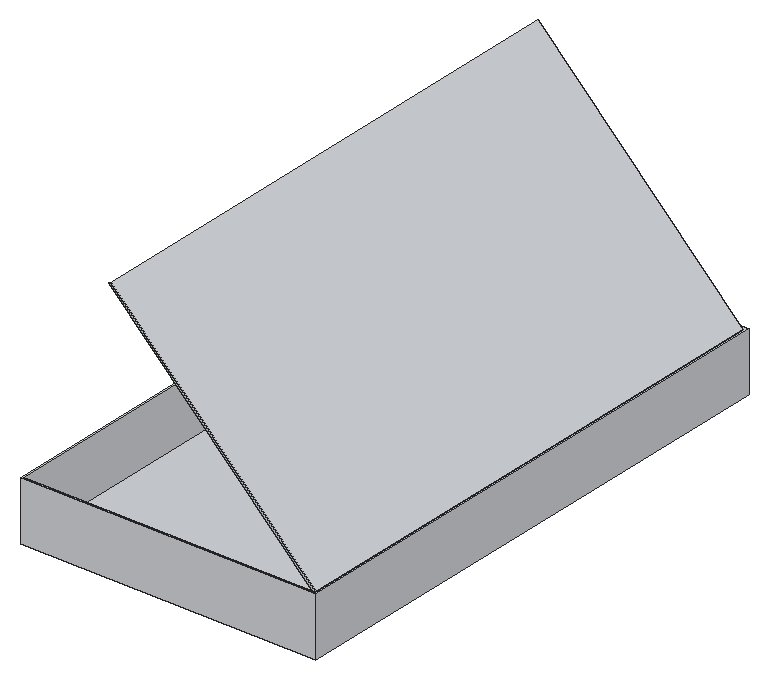
Revit family "Hager-Typ.B_TP&N_125A_Half_Width_Side_Extension_Boxes-empty-UK-en", category Electrical Equipment, host Face, Revit 2020
Family settings
  Host = Face
  Panel Configuration = Two Columns, Circuits Across
  Round Connector Dimension = Use Diameter
  Part Type = Panelboard
  Cut with Voids When Loaded = No
  Shared = No
  Room Calculation Point = No
Parameters (values of type "Surface mounted P2XC W465 H850 D91.5 0 Modular spacings - JK112BSH")
  Width Control [instance] = if([HG000006 - Flush mounted], if([EF000846 - Built-in width] > min_whd, [EF000846 - Built-in width], min_whd), if([EF000008 - Width] > min_whd, ([EF000008 - Width]), min_whd))  # 465 mm
  Void Depth [instance] = if([HG000006 - Flush mounted], Depth Control, 1 mm)  # 1 mm
  Type Comments = [HG000003 - Range]  # "Type B TP&N Distribution Boards"
  System Height [instance] = Height Control - 2 * [HG000005 - Thickness]  # 844 mm
  Model = [HG000004 - Manufacturer reference]  # "JK112BSH"
  HG000017 - Distance between poles = 18 mm
  HG000016 - Door 3d visibility [instance] = yes
  HG000015 - Clearance visibility [instance] = no
  HG000014 - Door on the right [instance] = yes
  HG000013 - Door on the left [instance] = not([HG000014 - Door on the right])  # no
  HG000012 - Door swing angle [instance] = 45.00°
  HG000011 - Empty rows from bottom = no
  HG000010 - Asymmetric doors = no
  HG000009 - Double swing door = no
  HG000008 - Number of empty rows = 0
  HG000007 - Number of empty columns = 0
  HG000006 - Flush mounted = no
  HG000005 - Thickness = 3 mm  # constant formula
  HG000004 - Manufacturer reference = "JK112BSH"
  HG000003 - Range = "Type B TP&N Distribution Boards"
  HG000002 - With door or cover = yes
  HG000001 - Number of columns = 0
  EF015941 - Signal passing door = no
  EF015777 - Neutral terminal block = yes
  EF015776 - Earthing terminal block = yes
  EF009212 - Cover model = ""
  EF006306 - With lock = no
  EF006244 - Transparent cover/door = no
  EF005474 - Degree of protection (IP) = "EV009848 - IP2XC"
  EF004462 - Type of closure = "EV000154 - Other"
  EF002950 - Width in number of modular spacings = 0
  EF001596 - Material housing = "EV000179 - Steel"
  EF001134 - DIN-rail = no
  EF001131 - Internal depth = 0 mm
  EF001088 - Extension possible = no
  EF001062 - EMC-version = no
  EF000846 - Built-in width = 0 mm
  EF000339 - Type of cover = "EV004216 - Door"
  EF000332 - Built-in height = 0 mm
  EF000266 - Number of rows = 0
  EF000218 - Built-in depth = 0 mm
  EF000118 - With mounting plate = no
  EF000116 - RAL-number = ""
  EF000049 - Depth = 92 mm
  EF000040 - Height = 850 mm
  EF000008 - Width = 465 mm
  EF000007 - Colour = "EV000154 - Other"
  EF000003 - Mounting method = "EV000384 - Surface mounted (plaster)"
  Arrow Offset [instance] = Depth Control / 8  # 11.5 mm
  Arrow Height [instance] = Depth Control - Arrow Offset  # 80.5 mm
  Host Offset [instance] = if([HG000006 - Flush mounted], 0 mm, [EF000049 - Depth])  # 92 mm
  min_whd [instance] = (2 * [HG000005 - Thickness]) + 1 mm  # 7 mm
  Manufacturer = "Hager"  # constant formula
  Height Control [instance] = if([HG000006 - Flush mounted], if([EF000332 - Built-in height] > min_whd, [EF000332 - Built-in height], min_whd), if([EF000040 - Height] > min_whd, ([EF000040 - Height]), min_whd))  # 850 mm
  Flush Mounted - Door Frame Width [instance] = if(([EF000040 - Height] - [EF000332 - Built-in height]) > 0 mm, if([HG000006 - Flush mounted], [EF000040 - Height] - [EF000332 - Built-in height], 0 mm), 0 mm)  # 0 mm
  Depth Control [instance] = if([HG000006 - Flush mounted], if([EF000218 - Built-in depth] > 0 mm, [EF000218 - Built-in depth], 1 mm), if([EF000049 - Depth] > 0 mm, ([EF000049 - Depth]), 1 mm))  # 92 mm
  Default Elevation = 0 mm
Types (5, lengths in mm): name | System Height | Model | HG000004 - Manufacturer reference | EF005474 - Degree of protection (IP) | EF000116 - RAL-number | EF000040 - Height | Height Control
  Surface mounted IP30 W465 H950 D91.5 0 Modular spacings - JK116BSH | 944 | "JK116BSH" | "JK116BSH" | "EV006410 - IP30" | "7035" | 950 | 950
  Surface mounted P2XC W465 H500 D91.5 0 Modular spacings - JK104BSH | 494 | "JK104BSH" | "JK104BSH" | "EV009848 - IP2XC" | "" | 500 | 500
  Surface mounted P2XC W465 H550 D91.5 0 Modular spacings - JK106BSH | 544 | "JK106BSH" | "JK106BSH" | "EV009848 - IP2XC" | "" | 550 | 550
  Surface mounted P2XC W465 H625 D91.5 0 Modular spacings - JK108BSH | 619 | "JK108BSH" | "JK108BSH" | "EV009848 - IP2XC" | "" | 625 | 625
  Surface mounted P2XC W465 H850 D91.5 0 Modular spacings - JK112BSH | 844 | "JK112BSH" | "JK112BSH" | "EV009848 - IP2XC" | "" | 850 | 850
Reference planes
  plane 1 "Center (Front/Back)": y = 0
  plane 2: z = 0
  plane 3 "Center (Left/Right)": x = 0
  plane 4: z = 92
  plane 5: y = 3
  plane 6: z = 87
  plane 7: y = 425
  plane 8: y = 0
  plane 9: y = 850
  plane 10: z = 0
  plane 11: x = -232.5
  plane 12: x = 232.5
  plane 13: x = 229.5
  plane 14: x = -229.5
  plane 15: y = 847
  plane 16: z = 3
  plane 17: z = 89
  plane 18: z = -1
  plane 19: z = 89
Forms (mm)
  Extrusion 1, solid
    sketch origin (-583.045, 0, 1219.2) x (-1, 0, 0) y (0, 0, 1)
      loop
        line (-350.545, -1127.2) -> (-815.545, -1127.2) -> (-815.545, -1219.2) -> (-350.545, -1219.2) -> (-350.545, -1127.2)
    from 0 to 850 <- "Height Control"
  Extrusion 2, void
    sketch origin (-381.607, -4572, 92) x (0, -1, 0) y (-1, 0, 0)
      loop
        line (-5419, -152.107) -> (-5419, -611.107) -> (-4575, -611.107) -> (-4575, -152.107) -> (-5419, -152.107)
    from 0 to 89
  Extrusion 3, void
    sketch origin (0, 0, 0) x (1, 0, 0) y (0, 1, 0)
      loop
        line (-232.5, 0) -> (232.5, 0) -> (232.5, 850) -> (-232.5, 850) -> (-232.5, 0)
    from -1 to 1
  Extrusion 4, solid, detail levels coarse+medium
    sketch origin (-381.607, -4572, 92) x (-1, 0, 0) y (0, -1, 0)
      loop
        line (-152.107, -5419) -> (-152.107, -4575) -> (-611.107, -4575) -> (-611.107, -5419) -> (-152.107, -5419)
    from 0 to -3
Cuts and joins
  Extrusion 2 cuts Extrusion 1
Dimensions and locks
  plane 4 to plane 6 = 5 mm
  "Host Offset": plane 4 to host face
  "Flush Mounted - Door Frame Width": plane 1 "Center (Front/Back)" to plane 8
  "HG000005 - Thickness": plane 5 to plane 8
  locked: connector elem to plane 3 "Center (Left/Right)"
  "Height Control": plane 9 to plane 8
  equal spacing: plane 9, plane 7, plane 8
  locked: connector elem to plane 7
  "Depth Control": plane 4 to plane 10
  "HG000005 - Thickness": plane 11 to plane 14
  "HG000005 - Thickness": plane 12 to plane 13
  equal spacing: plane 11, plane 3 "Center (Left/Right)", plane 12
  "Width Control": plane 11 to plane 12
  "Arrow Offset": nested 4 to plane 10
  "HG000005 - Thickness": plane 9 to plane 15
  "HG000005 - Thickness": plane 16 to plane 10
  "HG000005 - Thickness": plane 4 to plane 17
  "Void Depth": plane 2 to plane 18
  "HG000005 - Thickness": plane 4 to plane 19
  aligned and locked: plane 2 to host face
  aligned and locked: level to host face
  aligned and locked: plane 3 "Center (Left/Right)" to nested 2
  aligned and locked: plane 4 to nested 2
  aligned and locked: nested 2 to plane 8
  aligned and locked: nested 1 to plane 6
  aligned and locked: nested 1 to plane 5
  aligned and locked: nested 4 to plane 11
  aligned and locked: nested 3 to plane 4
  aligned and locked: Extrusion 1 sketch curve to plane 12
  aligned and locked: Extrusion 1 sketch curve to plane 11
  aligned and locked: nested 3 to plane 10
  aligned and locked: plane 10 to Extrusion 1 sketch curve
  aligned and locked: Extrusion 2 sketch curve to plane 5
  aligned and locked: Extrusion 2 sketch curve to plane 15
  aligned and locked: Extrusion 2 sketch curve to plane 14
  aligned and locked: Extrusion 2 sketch curve to plane 13
  aligned and locked: plane 11 to Extrusion 3 sketch curve
  aligned and locked: plane 9 to Extrusion 3 sketch curve
  aligned and locked: Extrusion 3 sketch curve to plane 8
  aligned and locked: plane 12 to Extrusion 3 sketch curve
  aligned and locked: nested 3 to plane 12
  aligned and locked: Extrusion 3 to plane 18
  aligned and locked: Extrusion 2 to plane 16
  aligned and locked: Extrusion 1 sketch curve to plane 4
  aligned and locked: Extrusion 4 to plane 17
  aligned and locked: Extrusion 4 sketch curve to plane 15
  aligned and locked: Extrusion 4 sketch curve to plane 13
  aligned and locked: Extrusion 4 sketch curve to plane 14
  aligned and locked: Extrusion 4 sketch curve to plane 5
Automatic sketch dimensions
  host sketch curve to host sketch curve = 1469.727 mm
  host sketch curve to host sketch curve = 1434.803 mm
Nested families
  nested 1: "Hager_Enclosure_System" at (0, 3, 87) x (1, 0, 0) z (0, 1, 0), Depth <- "HG000005 - Thickness", Height <- "System Height", Width <- "EF000008 - Width", Border <- "HG000005 - Thickness", Flush_Mounted <- "HG000006 - Flush mounted", Built-in_Width <- "EF000846 - Built-in width", Row_Module_Multiplicator <- "EF002950 - Width in number of modular spacings", Total_No_Empty_Rows <- "HG000008 - Number of empty rows", Total_No_Rows <- "EF000266 - Number of rows", Empty_Columns <- "HG000007 - Number of empty columns", Width_Control <- "Width Control", Empty_Rows_From_Bottom <- "HG000011 - Empty rows from bottom", Distance_Between_Poles <- "HG000017 - Distance between poles", Rows_Count <- "EF000266 - Number of rows", Columns_Count <- "HG000001 - Number of columns", type "Hager_Enclosure_System", detail levels fine
    with Width_Control 465 mm, Width 465 mm, Total_No_Rows 0, Total_No_Empty_Rows 0, Total_No_Columns 1, System_Width 459 mm, Rows_Count 0, Rows_Column 0, Row_Module_Multiplicator 0, Panel_4 no, Panel_3 no, Panel_2 no, Panel_1 no, No_Panels_Ctrl 1, Hide_Columns yes, Height 844 mm, Flush_Mounted no, Empty_Rows_From_Bottom no, Empty_Rows_Column 0, Empty_Columns 0, Distance_Between_Poles 18 mm, Depth 3 mm, Columns_Count 0, Column_Width 459 mm, Built-in_Width 0 mm, Border 3 mm
  nested 2: "Hager_Enclosure_Door" at (0, 0, 92) x (1, 0, 0) z (0, 1, 0), Border <- "HG000005 - Thickness", Door_Right <- "HG000014 - Door on the right", Flush_Mounted <- "HG000006 - Flush mounted", Depth <- "EF000049 - Depth", Width <- "EF000008 - Width", Door_Left <- "HG000013 - Door on the left", 3d_Door <- "HG000016 - Door 3d visibility", BuiltIn_Width <- "EF000846 - Built-in width", BuiltIn_Height <- "EF000332 - Built-in height", BuiltIn_Depth <- "EF000218 - Built-in depth", Angle <- "HG000012 - Door swing angle", Assymetrical <- "HG000010 - Asymmetric doors", Double <- "HG000009 - Double swing door", Clearance <- "HG000015 - Clearance visibility", Transparent <- "EF006244 - Transparent cover/door", Door <- "HG000002 - With door or cover", Height_Ctrl <- "Height Control", Width_Ctrl <- "Width Control", Height <- "EF000040 - Height", type "Hager_Enclosure_Door", detail levels medium+fine
    with min_wh 7 mm, Width_Ctrl 465 mm, Width 465 mm, Transparent_Door_No_Bottom_Border no, Transparent no, Leaf_Width 456 mm, Leaf_Tolerance 1.5 mm, Leaf_Height 841 mm, Leaf_2_Width 456 mm, Leaf_2_Offset 228 mm, Leaf_1_Width 456 mm, Leaf_1_Offset 228 mm, Height_Ctrl 850 mm, Height 850 mm, Frame_Width_Ctrl 465 mm, Frame_Width 465 mm, Frame_Internal_Offset 0 mm, Frame_Height_Ctrl 850 mm, Frame_Height 850 mm, Frame_Depth_Ctrl 1 mm, Frame_Depth 0 mm, Flush_Mounted no, Double_Clearance_Ctrl no, Double no, Door_Right_Ctrl yes, Door_Right yes, Door_Left_Ctrl no, Door_Left no, Door yes, Depth 92 mm, Clearance_Depth 456 mm, Clearance_Ctrl no, Clearance no, BuiltIn_Width 0 mm, BuiltIn_Height 0 mm, BuiltIn_Depth 0 mm, Border 3 mm, Assymetrical no, Angle 45.00°, 3d_Door yes
  nested 3: "Hager_Enclosure_Symbol_Triangle" at (-232.5, 0, 0) x (1, 0, 0) z (0, -1, 0), Depth <- "Depth Control", Width <- "Width Control", type "Hager_Enclosure_Symbol_Triangle"
    with Width_Ctrl 465 mm, Width 465 mm, Depth_Ctrl 92 mm, Depth 92 mm
  nested 4: "Hager_Enclosure_Symbol_Arrow" at (-232.5, 0, 11.5) x (1, 0, 0) z (0, -1, 0), Height <- "Arrow Height", type "Hager_Enclosure_Symbol_Arrow"
    with Width_Inside 6.038 mm, Width 72.45 mm, Height_Ctrl 80.5 mm, Height 80.5 mm
Connectors
  electrical at (0, 425, 0)
    settings: on plane 10, index 1, voltage 0 V, apparent load 0 VA, apparent load phase1 0 VA, apparent load phase2 0 VA, apparent load phase3 0 VA, power factor 1, load classification "Other", number of poles 1, system type 30, power factor state 1, is connector primary yes, connector utility no, sub classification motor no, connector description ""
Definition of nested family "Hager_Enclosure_Door"
  Parameters (values of type "Hager_Enclosure_Door")
    min_wh [instance] = (2 * Border) + 1 mm  # 11 mm
    Width_Ctrl [instance] = 400 mm
    Width [instance] = 500 mm
    Transparent_Door_No_Bottom_Border [instance] = no
    Transparent [instance] = yes
    Leaf_Width [instance] = if((Width_Ctrl - 2 * Border - 2 * Leaf_Tolerance) > 0 mm, (Width_Ctrl - 2 * Border - 2 * Leaf_Tolerance), min_wh)  # 387 mm
    Leaf_Tolerance [instance] = 1.5 mm  # constant formula
    Leaf_Height [instance] = if((Height_Ctrl - 2 * Border - 2 * Leaf_Tolerance) > 0 mm, (Height_Ctrl - 2 * Border - 2 * Leaf_Tolerance), min_wh)  # 387 mm
    Leaf_2_Width [instance] = if(and(and(Double, Assymetrical), Door_Left), (Leaf_Width / 3) - (Leaf_Tolerance / 2), if(and(and(Double, Assymetrical), Door_Right), (Leaf_Width / 3) * 2 - (Leaf_Tolerance / 2), if(and(Double, not(Assymetrical)), (Leaf_Width / 2) - Leaf_Tolerance, Leaf_Width)))  # 387 mm
    Leaf_2_Offset [instance] = if(and(Double, Assymetrical), Leaf_2_Width / 2, if(and(Double, not(Assymetrical)), Leaf_Width / 4, Leaf_Width / 2))  # 193.5 mm
    Leaf_1_Width [instance] = if(and(and(Double, Assymetrical), Door_Right), (Leaf_Width / 3) - (Leaf_Tolerance / 2), if(and(and(Double, Assymetrical), Door_Left), (Width / 3) * 2 - (Leaf_Tolerance / 2), if(and(Double, not(Assymetrical)), (Leaf_Width / 2) - Leaf_Tolerance, Leaf_Width)))  # 387 mm
    Leaf_1_Offset [instance] = if(and(Double, Assymetrical), Leaf_1_Width / 2, if(and(Double, not(Assymetrical)), Leaf_Width / 4, Leaf_Width / 2))  # 193.5 mm
    Height_Ctrl [instance] = 400 mm
    Height [instance] = 500 mm
    Frame_Width_Ctrl [instance] = if(Frame_Width > 0 mm, Frame_Width, 1 mm)  # 1 mm
    Frame_Width [instance] = Width - BuiltIn_Width  # 0 mm
    Frame_Internal_Offset [instance] = if(Flush_Mounted, Border, 0 mm)  # 5 mm
    Frame_Height_Ctrl [instance] = if(Frame_Height > 0 mm, Frame_Height, 1 mm)  # 1 mm
    Frame_Height [instance] = Height - BuiltIn_Height  # 0 mm
    Frame_Depth_Ctrl [instance] = if(Frame_Depth > 0 mm, Frame_Depth, 1 mm)  # 1 mm
    Frame_Depth [instance] = if(Depth - BuiltIn_Depth > 0 mm, if(Flush_Mounted, Depth - BuiltIn_Depth, 0 mm), 0 mm)  # 0 mm
    Flush_Mounted [instance] = yes
    Double_Clearance_Ctrl [instance] = and(Double, Clearance)  # no
    Double [instance] = no
    Door_Right_Ctrl [instance] = and(or(Door_Right, Double), Door)  # yes
    Door_Right [instance] = yes
    Door_Left_Ctrl [instance] = and(or(Door_Left, Double), Door)  # no
    Door_Left [instance] = no
    Door [instance] = yes
    Depth [instance] = 500 mm
    Default Elevation = 1219.2 mm
    Clearance_Material = none
    Clearance_Depth [instance] = if(Leaf_1_Width > Leaf_2_Width, Leaf_1_Width, Leaf_2_Width)  # 387 mm
    Clearance_Ctrl [instance] = and(not(Double), Clearance)  # yes
    Clearance [instance] = yes
    BuiltIn_Width [instance] = 500 mm
    BuiltIn_Height [instance] = 500 mm
    BuiltIn_Depth [instance] = 500 mm
    Border [instance] = 5 mm
    Assymetrical [instance] = yes
    Angle [instance] = 30.00°
    3d_Door [instance] = yes
  Reference planes
    plane 1 "Center (Front/Back)": y = 0
    plane 2 "Bottom": z = 0
    plane 3 "Center (Left/Right)": x = 0
    plane 4: z = 400
    plane 5: x = -200
    plane 6: x = 200
    plane 7: z = 395
    plane 8: x = -195
    plane 9: z = 5
    plane 10: x = 195
    plane 11: y = 0
    plane 12: z = 6.5
    plane 13: x = -582
    plane 14: y = -387
    plane 15: x = 582
    plane 16: x = 0
    plane 17: x = 0
    plane 18: x = -193.5
    plane 19: x = 193.5
    plane 20: z = 393.5
  Forms (mm)
    Extrusion 1, solid, visible <- "Flush_Mounted"
      sketch origin (0, 0, 0) x (1, 0, 0) y (0, 0, 1)
        loop
          line (195, 5) -> (195, 395) -> (-195, 395) -> (-195, 5) -> (195, 5)
        loop
          line (-201, 401) -> (-201, -1) -> (201, -1) -> (201, 401) -> (-201, 401)
      from 0 to 1 <- "Frame_Depth_Ctrl"
    Extrusion 2, solid, material <- "Clearance_Material", visible <- "Double_Clearance_Ctrl"
      sketch origin (1200, 0, 0) x (1, 0, 0) y (0, 0, -1)
        loop
          line (-1782, -393.5) -> (-618, -393.5) -> (-618, 0) -> (-1782, 0) -> (-1782, -393.5)
      from 0 to -387
  Dimensions and locks
    equal spacing: plane 5, plane 3 "Center (Left/Right)", plane 6
    "Width_Ctrl": plane 5 to plane 6
    "Border": plane 5 to plane 8
    "Border": plane 6 to plane 10
    "Border": plane 9 to level
    "Border": plane 4 to plane 7
    "Height_Ctrl": plane 4 to level
    "Leaf_Tolerance": plane 12 to plane 9
    "Frame_Depth": plane 11 to plane 1 "Center (Front/Back)"
    "Frame_Width_Ctrl": plane 5 to Extrusion 1 sketch curve
    "Frame_Width_Ctrl": plane 6 to Extrusion 1 sketch curve
    "Frame_Width_Ctrl": Extrusion 1 sketch curve to plane 4
    "Frame_Width_Ctrl": plane 2 "Bottom" to Extrusion 1 sketch curve
    "Leaf_1_Offset": plane 18 to plane 16
    "Leaf_2_Offset": plane 17 to plane 19
    "Leaf_1_Width": plane 13 to plane 8
    "Leaf_2_Width": plane 10 to plane 15
    "Clearance_Depth": plane 14 to plane 1 "Center (Front/Back)"
    "Leaf_Tolerance": plane 8 to plane 18
    "Leaf_Tolerance": plane 19 to plane 10
    "Leaf_Tolerance": plane 7 to plane 20
    "Frame_Internal_Offset": plane 5 to Extrusion 1 sketch curve
    "Frame_Internal_Offset": Extrusion 1 sketch curve to plane 2 "Bottom"
    "Frame_Internal_Offset": plane 6 to Extrusion 1 sketch curve
    "Frame_Internal_Offset": plane 4 to Extrusion 1 sketch curve
    aligned and locked: level to plane 2 "Bottom"
    aligned and locked: nested 1 to plane 16
    aligned and locked: nested 2 to plane 17
    aligned and locked: Extrusion 2 to plane 13
    aligned and locked: plane 15 to Extrusion 2
    aligned and locked: Extrusion 2 to plane 14
    aligned and locked: plane 12 to nested 1
    aligned and locked: nested 2 to plane 12
    aligned and locked: Extrusion 2 to plane 11
    aligned and locked: plane 20 to Extrusion 2
    aligned and locked: nested 2 to plane 11
    aligned and locked: nested 1 to plane 11
  Automatic sketch dimensions
    Extrusion 2 sketch curve to level = 0 mm
    plane 5 to Extrusion 2 sketch curve = 382 mm
    plane 6 to Extrusion 2 sketch curve = 382 mm
    Extrusion 2 sketch curve to plane 4 = 6.5 mm
  Nested families
    nested 1: "Hager_Enclosure_Door_Leaf" at (0, 0, 6.5), Width <- "Leaf_1_Width", visible <- "Door_Left_Ctrl", Leaf_Height <- "Leaf_Height", Angle <- "Angle", Depth <- "Border", 3d_Door <- "3d_Door", Transparent <- "Transparent", Clearance Material <- "Clearance_Material", Clearance <- "Clearance_Ctrl", Transparent_Door_No_Bottom_Border <- "Transparent_Door_No_Bottom_Border", type "Hager_Enclosure_Door_Leaf"
      with Width 387 mm, Transparent_Door_No_Bottom_Border no, Transparent_Door_Border_Bottom_Top 25 mm, Transparent_Door_Border 25 mm, Transparent_Ctrl yes, Transparent yes, Standard no, Leaf_Height 387 mm, Glass_Offset 1 mm, Depth 5 mm, Clearance Material none, Clearance yes, Angle_Ctrl 30.00°, Angle 30.00°, 3d_Door yes
    nested 2: "Hager_Enclosure_Door_Leaf" at (0, 0, 6.5) x (-1, 0, 0) z (0, 0, 1), Width <- "Leaf_2_Width", visible <- "Door_Right_Ctrl", Leaf_Height <- "Leaf_Height", Angle <- "Angle", Depth <- "Border", 3d_Door <- "3d_Door", Transparent <- "Transparent", Clearance Material <- "Clearance_Material", Clearance <- "Clearance_Ctrl", Transparent_Door_No_Bottom_Border <- "Transparent_Door_No_Bottom_Border", type "Hager_Enclosure_Door_Leaf"
      with Width 387 mm, Transparent_Door_No_Bottom_Border no, Transparent_Door_Border_Bottom_Top 25 mm, Transparent_Door_Border 25 mm, Transparent_Ctrl yes, Transparent yes, Standard no, Leaf_Height 387 mm, Glass_Offset 1 mm, Depth 5 mm, Clearance Material none, Clearance yes, Angle_Ctrl 30.00°, Angle 30.00°, 3d_Door yes
  Definition of nested family "Hager_Enclosure_Door_Leaf"
    Parameters (values of type "Hager_Enclosure_Door_Leaf")
      Width [instance] = 2000 mm
      Transparent_Door_No_Bottom_Border [instance] = yes
      Transparent_Door_Border_Bottom_Top [instance] = if(Transparent_Door_No_Bottom_Border, 0.1 mm, Transparent_Door_Border)  # 0.1 mm
      Transparent_Door_Border [instance] = if(Transparent_Door_No_Bottom_Border, (Width * 0.12), 25 mm)  # 240 mm
      Transparent_Ctrl [instance] = and(Transparent, [3d_Door])  # yes
      Transparent [instance] = yes
      Standard [instance] = and(not(Transparent), [3d_Door])  # no
      Leaf_Height [instance] = 2720.336 mm
      Glass_Offset [instance] = if((Depth - 10 mm) / 2 > 0 mm, (Depth - 10 mm) / 2, 1 mm)  # 15 mm
      Glass_Material = none
      Depth [instance] = 40 mm
      Default Elevation = 0 mm
      Clearance Material [instance] = none
      Clearance [instance] = yes
      Angle_Ctrl [instance] = if(Angle > 170.00°, 170.00°, Angle)  # 45.00°
      Angle [instance] = 45.00°
      3d_Door [instance] = yes
    Reference planes
      plane 1 "Center (Front/Back)": y = 0
      plane 2: z = 0
      plane 3 "Center (Left/Right)": x = 0
      plane 4: y = 2000
      plane 5: x = -1000
      plane 6: x = 1000
      plane 7: x = -3000
      plane 8: z = 2720.336
      plane 9: z = 0.1
      plane 10: z = 2720.236
      plane 11: x = 760
      plane 12: x = -760
    Forms (mm)
      Extrusion 1, solid, material <- "Clearance Material", visible <- "Clearance"
        sketch origin (0, 0, 0) x (1, 0, 0) y (0, 0, 1)
          loop
            line (-3000, 2720.336) -> (-3000, 0) -> (1000, 0) -> (1000, 2720.336) -> (-3000, 2720.336)
        from 0 to -2000
      Extrusion 2, solid, visible <- "Standard", detail levels medium+fine
        sketch origin (-1000, 0, 0) x (0.707107, 0.707107, 0) y (-0.707107, 0.707107, 0)
          loop
            line (0, -40) -> (2000, -40) -> (2000, 0) -> (0, 0) -> (0, -40)
        from 0 to 2720.336 <- "Leaf_Height"
      Extrusion 3, solid, visible <- "Transparent_Ctrl", detail levels medium+fine
        sketch origin (-1000, 0, 0) x (0.707107, 0.707107, 0) y (-0.707107, 0.707107, 0)
          loop
            line (0, -40) -> (2000, -40) -> (2000, 0) -> (0, 0) -> (0, -40)
        from 0 to 2720.336 <- "Leaf_Height"
      Extrusion 4, void, detail levels medium+fine
        sketch origin (-1000, 0, 0) x (-0.707107, 0.707107, 0) y (0.707107, 0.707107, 0)
          loop
            line (0, 240) -> (0, 1760) -> (-40, 1760) -> (-40, 240) -> (0, 240)
        from -2720.236 to -0.1
      Extrusion 5, solid, material <- "Glass_Material", visible <- "Transparent_Ctrl", detail levels medium+fine
        sketch origin (-1000, 0, 0) x (0.707107, 0.707107, 0) y (-0.707107, 0.707107, 0)
          loop
            line (240, -15) -> (240, -25) -> (1760, -25) -> (1760, -15) -> (240, -15)
        from 0.1 to 2720.236
    Cuts and joins
      Extrusion 4 cuts Extrusion 3
    Lines and regions (mm)
      symbolic lines
        curve 1: line (1000, 0, 0) -> (-3000, 0, 0)
        curve 2: arc (1000, 0, 0) -> (-1000, 2000, 0) -> (-3000, 0, 0) r 2000
        curve 4: line (-1000, 0, 0) -> (414.214, 1414.214, 0)
      reference lines
        curve 3: line (-1000, 0, 0) -> (414.214, 1414.214, 0)
      symbolic lines, detail levels medium+fine
        curve 5: line (414.214, 1414.214, 0) -> (442.498, 1385.929, 0)
        curve 6: line (442.498, 1385.929, 0) -> (-971.716, -28.284, 0)
        curve 7: line (-971.716, -28.284, 0) -> (-1000, 0, 0)
        curve 8: line (-1000, 0, 2720.336) -> (1000, 0, 2720.336)
        curve 9: line (-1000, 0, 0) -> (-1000, 0, 2720.336)
        curve 10: line (1000, 0, 0) -> (-1000, 0, 0)
        curve 11: line (1000, 0, 2720.336) -> (1000, 0, 0)
      symbolic lines, visible <- "Transparent_Ctrl", detail levels medium+fine
        curve 12: line (-760, 0, 2720.236) -> (760, 0, 2720.236)
        curve 13: line (-760, 0, 0.1) -> (-760, 0, 2720.236)
        curve 14: line (760, 0, 0.1) -> (-760, 0, 0.1)
        curve 15: line (760, 0, 2720.236) -> (760, 0, 0.1)
    Dimensions and locks
      "Width": plane 1 "Center (Front/Back)" to plane 4
      equal spacing: plane 5, plane 3 "Center (Left/Right)", plane 6
      "Width": plane 5 to plane 6
      "Width": plane 7 to plane 5
      "Leaf_Height": plane 8 to level
      "Depth": curve 6 to curve 3
      "Width": curve 5 to curve 3
      "Width": curve 3 to curve 3
      "Transparent_Door_Border": Extrusion 4 sketch curve to curve 7
      "Transparent_Door_Border": Extrusion 4 sketch curve to curve 5
      "Transparent_Door_Border_Bottom_Top": plane 8 to plane 10
      "Transparent_Door_Border_Bottom_Top": plane 9 to level
      "Glass_Offset": Extrusion 5 sketch curve to curve 4
      "Glass_Offset": Extrusion 5 sketch curve to curve 6
      "Transparent_Door_Border": Extrusion 5 sketch curve to curve 5
      "Transparent_Door_Border": Extrusion 5 sketch curve to curve 7
      "Transparent_Door_Border": plane 12 to plane 5
      "Transparent_Door_Border": plane 6 to plane 11
      "Angle_Ctrl": angle plane 1 "Center (Front/Back)" to curve 3
      aligned and locked: level to plane 2
      aligned and locked: Extrusion 1 to curve 1
      aligned and locked: plane 6 to Extrusion 1
      aligned and locked: Extrusion 1 to plane 1 "Center (Front/Back)"
      aligned and locked: plane 4 to Extrusion 1
      aligned and locked: plane 8 to Extrusion 1
      aligned and locked: curve 4 to curve 3
      aligned and locked: Extrusion 2 sketch curve to curve 7
      aligned and locked: Extrusion 2 sketch curve to curve 6
      aligned and locked: Extrusion 2 sketch curve to curve 5
      aligned and locked: Extrusion 2 sketch curve to curve 3
      aligned and locked: curve 7 to Extrusion 3 sketch curve
      aligned and locked: Extrusion 3 sketch curve to curve 4
      aligned and locked: Extrusion 3 sketch curve to curve 6
      aligned and locked: Extrusion 3 sketch curve to curve 5
      aligned and locked: curve 4 to Extrusion 4 sketch curve
      aligned and locked: curve 6 to Extrusion 4 sketch curve
      aligned and locked: Extrusion 4 to plane 9
      aligned and locked: Extrusion 4 to plane 10
      aligned and locked: Extrusion 5 to plane 9
      aligned and locked: Extrusion 5 to plane 10
      aligned and locked: curve 8 to plane 8
      aligned and locked: plane 5 to curve 9
      aligned and locked: plane 2 to curve 10
      aligned and locked: curve 11 to plane 6
      aligned and locked: plane 10 to curve 12
      aligned and locked: plane 12 to curve 13
      aligned and locked: curve 14 to plane 9
      aligned and locked: plane 11 to curve 15
    Automatic sketch dimensions
      plane 1 "Center (Front/Back)" to curve 2 = 0 mm
      curve 2 to plane 5 = 0 mm
      Extrusion 1 sketch curve to level = 0 mm
      Extrusion 1 sketch curve to plane 7 = 0 mm
      Extrusion 1 sketch curve to plane 6 = 0 mm
      Extrusion 1 sketch curve to plane 8 = 0 mm
      plane 1 "Center (Front/Back)" to curve 3 = 0 mm
      curve 3 to plane 5 = 0 mm
      curve 7 to curve 3 = 0 mm
Definition of nested family "Hager_Enclosure_Symbol_Triangle"
  Parameters (values of type "Hager_Enclosure_Symbol_Triangle")
    Width_Ctrl [instance] = if(Width > 1 mm, Width, 1 mm)  # 498 mm
    Width [instance] = 498 mm
    Depth_Ctrl [instance] = if(Depth > 1 mm, Depth, 1 mm)  # 72 mm
    Depth [instance] = 72 mm
  Reference planes
    plane 1 "Centre (avant/arrière)": y = 0
    plane 2: z = 0
    plane 3 "Centre (gauche/droite)": x = 0
  Lines and regions (mm)
    Filled region 1, type "Solid_Black", in view "Niveau de réf."
      outline origin (0, 0, 0) x (1, 0, 0) y (0, 1, 0)
        loop
          line (0, 0) -> (498, 0) -> (498, 72) -> (0, 0)
    reference lines, in view "Niveau de réf."
      curve 1: line (-206.153, 72, 0) -> (1083.258, 72, 0)
      curve 2: line (498, 405.456, 0) -> (498, -517.619, 0)
  Dimensions and locks
    "Depth_Ctrl": plane 1 "Centre (avant/arrière)" to curve 1
    "Width_Ctrl": plane 3 "Centre (gauche/droite)" to curve 2
    aligned and locked: curve 1 to Filled region 1 sketch curve
    aligned and locked: Filled region 1 sketch curve to plane 1 "Centre (avant/arrière)"
    aligned and locked: curve 2 to Filled region 1 sketch curve
    aligned and locked: plane 3 "Centre (gauche/droite)" to Filled region 1 sketch curve
    aligned and locked: plane 1 "Centre (avant/arrière)" to Filled region 1 sketch curve
  Automatic sketch dimensions
    curve 1 to plane 3 "Centre (gauche/droite)" = 206.153 mm
    curve 2 to curve 1 = 585.258 mm
    plane 1 "Centre (avant/arrière)" to curve 2 = 517.619 mm
    curve 2 to plane 1 "Centre (avant/arrière)" = 405.456 mm
Definition of nested family "Hager_Enclosure_Symbol_Arrow"
  Parameters (values of type "Hager_Enclosure_Symbol_Arrow")
    Width_Inside [instance] = if(Width / 12 > 2 mm, Width / 12, 2 mm)  # 4.987 mm
    Width [instance] = if(Height_Ctrl * 0.9 > 2 mm, Height_Ctrl * 0.9, 2 mm)  # 59.85 mm
    Height_Ctrl [instance] = if(Height > 2 mm, Height, 2 mm)  # 66.5 mm
    Height [instance] = 66.5 mm
  Reference planes
    plane 1 "Centre (avant/arrière)": y = 0
    plane 2: z = 0
    plane 3 "Centre (gauche/droite)": x = 0
    plane 4: x = 59.85
    plane 5: y = 28.263
    plane 6: y = 38.238
    plane 7: y = 66.5
    plane 8: x = 29.925
    plane 9: y = 33.25
  Lines and regions (mm)
    Filled region 1, type "Solid_Black", in view "Niveau de réf."
      outline origin (0, 0, 0) x (1, 0, 0) y (0, 1, 0)
        loop
          line (59.85, 66.5) -> (37.929, 52.827) -> (51.846, 41.935) -> (59.85, 66.5)
    detail lines, in view "Niveau de réf."
      curve 1: line (0, 0, 0) -> (29.925, 38.238, 0)
      curve 2: line (29.925, 38.238, 0) -> (29.925, 28.263, 0)
      curve 3: line (29.925, 28.263, 0) -> (59.85, 66.5, 0)
  Dimensions and locks
    "Width": plane 3 "Centre (gauche/droite)" to plane 4
    "Height_Ctrl": plane 7 to plane 1 "Centre (avant/arrière)"
    equal spacing: plane 3 "Centre (gauche/droite)", plane 8, plane 4
    equal spacing: plane 7, plane 9, plane 1 "Centre (avant/arrière)"
    equal spacing: plane 6, plane 9, plane 5
    "Width_Inside": plane 6 to plane 9
    equal spacing: curve 3, Filled region 1 sketch curve, Filled region 1 sketch curve
    angle Filled region 1 sketch curve to curve 3 = 20.00°
    angle curve 3 to Filled region 1 sketch curve = 20.00°
    locked: curve 3 to Filled region 1 sketch curve (angle 90.00°)
  Automatic sketch dimensions
    plane 1 "Centre (avant/arrière)" to curve 1 = 0 mm
    curve 1 to plane 3 "Centre (gauche/droite)" = 0 mm
    curve 2 to plane 6 = 0 mm
    curve 3 to plane 8 = 0 mm
    curve 3 to plane 4 = 0 mm
    curve 2 to plane 5 = 0 mm
    curve 3 to plane 7 = 0 mm
    Filled region 1 sketch curve to plane 4 = 0 mm
    Filled region 1 sketch curve to plane 7 = 0 mm
